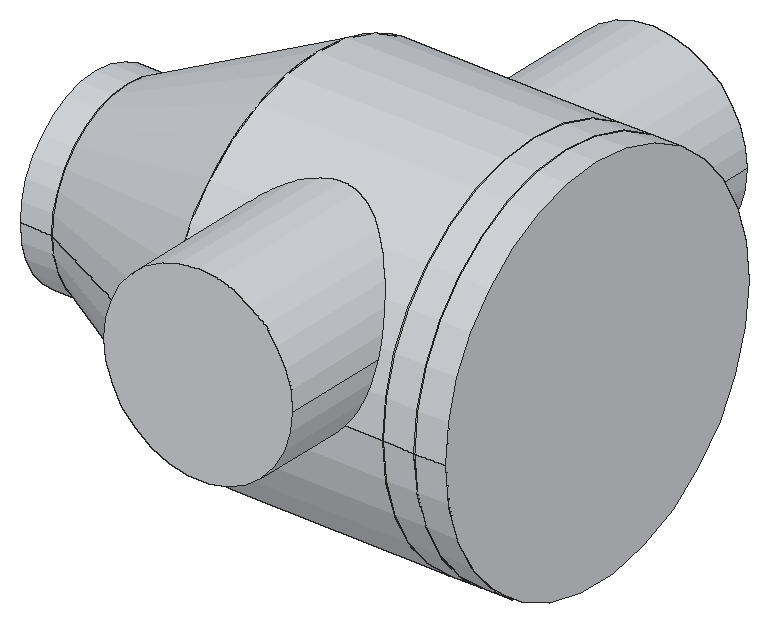
Revit family "M_Cruzamento lateral de transição redonda - 180 Graus - DTL", category Conexões de duto, Revit 2019
Family settings
  Cota do conector redondo = Usar raio
  Tipo de parte = Cruzeta lateral
  Número OmniClass = 23.75.70.14
  Título OmniClass = Air Ductwork
  ID de item do Seek = Round Transition Lateral Cross - 180 Degree - DTL-0000-CAN-ENU
  Com base no plano de trabalho = Não
  Sempre na vertical = Sim
  Corte com vazios quando carregada = Não
  Compartilhado = Não
Parameters (values of type "Padrão")
  Torneira 2 Visibilidade [instance] = not(Torneira 2 Deslocamento a partir do centro = 0 mm)  # yes
  Torneira 1 Visibilidade [instance] = not(Torneira 1 Deslocamento a partir do centro = 0 mm)  # yes
  Saída do comprimento 1 [instance] = if(Saída do comprimento = 0 mm, 1 mm, Saída do comprimento)  # 300 mm
  Entrada do comprimento 1 [instance] = if(Entrada do comprimento = 0 mm, 1 mm, Entrada do comprimento)  # 50 mm
  Entrada do colarinho 1 [instance] = if(Entrada do colarinho = 0 mm, 1 mm, Entrada do colarinho)  # 50 mm
  Saída do colarinho 1 [instance] = if(Saída do colarinho = 0 mm, 1 mm, Saída do colarinho)  # 50 mm
  Referência [instance] = (Entrada do colarinho 1 + Saída do colarinho 1 + Comprimento 14 + Entrada do comprimento 1 + Saída do comprimento 1) * 2  # 1590 mm
  Torneira 2 Raio [instance] = 150 mm
  Torneira 1 Raio [instance] = 150 mm
  Entrada do raio [instance] = 300 mm
  Saída do raio [instance] = 150 mm
  Deslocamento 4 [instance] = Raio do corpo + Torneira 2 Deslocamento a partir do centro  # 350 mm
  Deslocamento 3 [instance] = Raio do corpo + Torneira 1 Deslocamento a partir do centro  # 400 mm
  Torneira 2 Deslocamento a partir do centro [instance] = 50 mm
  Torneira 1 Deslocamento a partir do centro [instance] = 100 mm
  Comprimento 9 Horizontal [instance] = if(Torneira 2 Ângulo 1 = 90.00°, Entrada do comprimento 1 + Entrada do colarinho 1 + abs(Torneira 2 Raio / sin(Torneira 2 Ângulo 1)) + Inserção da torneira 2 + Referência / 2, Entrada do comprimento + Entrada do colarinho 1 + abs(Torneira 2 Raio / sin(Torneira 2 Ângulo 1)) + Inserção da torneira 2 + (Raio 1) / tan(Torneira 2 Ângulo 1) + Referência / 2)  # 1067 mm
  Comprimento 8 Horizontal [instance] = if(Torneira 1 Ângulo 1 = 90.00°, Entrada do comprimento 1 + Entrada do colarinho 1 + abs(Torneira 1 Raio / sin(Torneira 1 Ângulo 1)) + Inserção da torneira 1 + Referência / 2, Entrada do comprimento + Entrada do colarinho 1 + abs(Torneira 1 Raio / sin(Torneira 1 Ângulo 1)) + Inserção da torneira 1 + (Raio 1) / tan(Torneira 1 Ângulo 1) + Referência / 2)  # 1067 mm
  Comprimento 9 [instance] = if(Torneira 2 Ângulo 1 = 90.00°, Torneira 2 Comprimento + Comprimento 10, Comprimento 10 + Torneira 2 Comprimento + abs(Torneira 2 Raio / tan(Torneira 2 Ângulo 1)))  # 450 mm
  Comprimento 8 [instance] = if(Torneira 1 Ângulo 1 = 90.00°, Torneira 1 Comprimento + Comprimento 11, Comprimento 11 + Torneira 1 Comprimento + abs(Torneira 1 Raio / tan(Torneira 1 Ângulo 1)))  # 450 mm
  Saída do colarinho [instance] = 50 mm
  Entrada do colarinho [instance] = 50 mm
  Torneira 1 Comprimento [instance] = 150 mm
  Torneira 2 Comprimento [instance] = 150 mm
  Entrada do comprimento [instance] = 50 mm
  Saída do comprimento [instance] = 300 mm
  Comprimento 14 [instance] = Comprimento do corpo  # 345 mm
  Comprimento 13 [instance] = if(Torneira 2 Deslocamento a partir do centro = 0 mm, Raio 1 - 0.298 mm, Deslocamento 4)  # 350 mm
  Comprimento 12 [instance] = if(Torneira 1 Deslocamento a partir do centro = 0 mm, 0.298 mm + Raio 1, Deslocamento 3)  # 400 mm
  Comprimento 11 [instance] = Raio 1 / sin(Torneira 1 Ângulo 1)  # 300 mm
  Comprimento 10 [instance] = Raio 1 / sin(Torneira 2 Ângulo 1)  # 300 mm
  Comprimento do corpo [instance] = 345 mm
  Inserção da torneira 2 [instance] = 22 mm
  Inserção da torneira 1 [instance] = 22 mm
  Torneira 2 Diâmetro [instance] = Torneira 2 Raio * 2  # 300 mm
  Diâmetro da torneira 1 [instance] = Torneira 1 Raio * 2  # 300 mm
  Entrada do diâmetro [instance] = Entrada do raio * 2  # 600 mm
  Saída do diâmetro [instance] = Saída do raio * 2  # 300 mm
  Raio 1 [instance] = if(and(Raio do corpo < Saída do raio, Saída do raio > Entrada do raio), Saída do raio, if(and(Raio do corpo < Entrada do raio, Entrada do raio > Saída do raio), Entrada do raio, Raio do corpo))  # 300 mm
  Raio do corpo [instance] = 300 mm
  Diâmetro do corpo [instance] = Raio do corpo * 2  # 600 mm
  Torneira 2 Ângulo 1 [instance] = 90.00°
  Torneira 1 Ângulo 1 [instance] = 90.00°
Reference planes
  plane 1 "Centro (Frente/Trás)": y = 0
  plane 2: z = 0
  plane 3 "Centro (Esquerda/Direita)": x = 0
  plane 4: x = -172.5
  plane 5: x = 172.5
  plane 6: x = -472.5
  plane 7: x = -522.5
  plane 8: x = 272.5
  plane 9: x = 222.5
  plane 10: x = 0.5
  plane 11: y = 300
  plane 12: y = -300
  plane 13: z = 50
  plane 14: z = 100
  plane 15: z = -300
  plane 16: x = 0.5
  plane 17: z = 100
  plane 18: z = 50
  plane 19: x = 1067.5
Forms (mm)
  SweptBlend 1, solid, detail levels medium+fine
    path in 3D
      loop
        line (-172.5, 0, 0) -> (-472.5, 0, 0)
    profile origin (-172.5, 0, 0) x (0, -1, 0) y (0, 0, 1)
      loop
        circle (0, 0) r 300
    end profile origin (-472.5, 0, 0) x (0, -1, 0) y (0, 0, 1)
      loop
        circle (0, 0) r 150
  SweptBlend 2, solid, detail levels medium+fine
    path in 3D
      loop
        line (172.5, 0, 0) -> (222.5, 0, 0)
    profile origin (172.5, 0, 0) x (0, 1, 0) y (0, 0, 1)
      loop
        circle (0, 0) r 300
    end profile origin (222.5, 0, 0) x (0, 1, 0) y (0, 0, 1)
      loop
        circle (0, 0) r 300
  Sweep 3, solid, detail levels medium+fine
    path in 3D
      loop
        line (-522.5, 0, 0) -> (-472.5, 0, 0)
    profile origin (-497.5, 0, 0) x (0, 1, 0) y (0, 0, 1)
      loop
        circle (0, 0) r 150
  Sweep 4, solid, detail levels medium+fine
    path in 3D
      loop
        line (222.5, 0, 0) -> (272.5, 0, 0)
    profile origin (247.5, 0, 0) x (0, 1, 0) y (0, 0, 1)
      loop
        circle (0, 0) r 300
  Sweep 5, solid, detail levels medium+fine
    path in 3D
      loop
        line (-172.5, 0, 0) -> (172.5, 0, 0)
    profile origin (0, 0, 0) x (0, 1, 0) y (0, 0, 1)
      loop
        circle (0, 0) r 300
  Sweep 6, solid, detail levels medium+fine
    path in 3D
      loop
        line (0.5, 0, 0) -> (0.5, -450, 0)
    profile origin (0.5, -225, 0) x (1, 0, 0) y (0, 0, 1)
      loop
        circle (0, 100) r 150
  Sweep 7, solid, not visible
    path in 3D
      loop
        line (0.5, 0, 0) -> (0.5, -450, 0)
    profile origin (0.5, -225, 0) x (1, 0, 0) y (0, 0, 1)
      loop
        line (0, 250) -> (0, 100) -> (150, 100)
        arc (150, 100) -> (106.066, 206.066) -> (0, 250) r 150
  Sweep 8, solid, detail levels medium+fine
    path in 3D
      loop
        line (0.5, 0, 0) -> (0.5, 450, 0)
    profile origin (0.5, 225, 0) x (-1, 0, 0) y (0, 0, 1)
      loop
        circle (0, 50) r 150
  Sweep 9, solid, not visible
    path in 3D
      loop
        line (0.5, 0, 0) -> (0.5, 450, 0)
    profile origin (0.5, 225, 0) x (-1, 0, 0) y (0, 0, 1)
      loop
        arc (0, 200) -> (-106.066, 156.066) -> (-150, 50) r 150
        line (-150, 50) -> (0, 50) -> (0, 200)
Cuts and joins
  joined: Sweep 5, Sweep 6, Sweep 8
Lines and regions (mm)
  model lines, detail levels coarse
    curve 1: line (-172.5, 0, 0) -> (172.5, 0, 0)
    curve 2: line (-172.5, 0, 0) -> (-472.5, 0, 0)
    curve 3: line (172.5, 0, 0) -> (222.5, 0, 0)
    curve 6: line (-522.5, 0, 0) -> (-472.5, 0, 0)
    curve 8: line (222.5, 0, 0) -> (272.5, 0, 0)
    curve 14: line (0.5, 0, 100) -> (0.5, -450, 100)
    curve 20: line (0.5, 450, 50) -> (0.5, 0, 50)
  sketch lines
    curve 4: line (-172.5, 0, 0) -> (-472.5, 0, 0)
    curve 5: line (172.5, 0, 0) -> (222.5, 0, 0)
    curve 7: line (-522.5, 0, 0) -> (-472.5, 0, 0)
    curve 9: line (222.5, 0, 0) -> (272.5, 0, 0)
    curve 10: line (-172.5, 0, 0) -> (172.5, 0, 0)
    curve 12: line (0.5, 0, 0) -> (0.5, -450, 0)
    curve 13: line (0.5, 0, 0) -> (0.5, -450, 0)
    curve 18: line (0.5, 0, 0) -> (0.5, 450, 0)
    curve 19: line (0.5, 0, 0) -> (0.5, 450, 0)
  reference lines
    curve 11: line (0.5, 0, 0) -> (0.5, -450, 0)
    curve 17: line (0.5, 0, 0) -> (0.5, 450, 0)
  model lines, visible <- "Torneira 1 Visibilidade", detail levels coarse
    curve 15: line (0.5, 0, 100) -> (0.5, 0, 0)
  model lines, visible <- "Torneira 2 Visibilidade", detail levels coarse
    curve 16: line (0.5, 0, 50) -> (0.5, 0, 0)
Dimensions and locks
  equal spacing: plane 4, plane 3 "Centro (Esquerda/Direita)", plane 5
  "Comprimento 14": plane 4 to plane 5
  "Saída do comprimento 1": plane 6 to plane 4
  "Entrada do comprimento 1": plane 5 to plane 9
  "Raio do corpo": plane 11 to plane 1 "Centro (Frente/Trás)"
  "Raio do corpo": plane 12 to plane 1 "Centro (Frente/Trás)"
  "Raio do corpo": plane 2 to plane 15
  "Deslocamento 4": plane 13 to plane 15
  "Deslocamento 3": plane 14 to plane 15
  "Comprimento 8": curve 11 to curve 11
  "Comprimento 12": plane 17 to plane 15
  "Comprimento 13": plane 18 to plane 15
  "Comprimento 9": curve 17 to curve 17
  "Referência": plane 7 to plane 19
  "Comprimento 8 Horizontal": plane 16 to plane 19
  "Comprimento 9 Horizontal": plane 10 to plane 19
  "Saída do colarinho 1": plane 7 to plane 6
  "Entrada do colarinho 1": plane 9 to plane 8
  "Raio 1": radius of SweptBlend 1 sketch curve
  "Saída do raio": radius of SweptBlend 1 sketch curve
  "Raio 1": radius of SweptBlend 2 sketch curve
  "Entrada do raio": radius of SweptBlend 2 sketch curve
  "Saída do raio": radius of Sweep 3 sketch curve
  "Entrada do raio": radius of Sweep 4 sketch curve
  "Raio 1": radius of Sweep 5 sketch curve
  "Torneira 1 Raio": radius of Sweep 6 sketch curve
  "Torneira 1 Raio": radius of Sweep 7 sketch curve
  "Torneira 2 Raio": radius of Sweep 8 sketch curve
  "Torneira 2 Raio": radius of Sweep 9 sketch curve
  "Torneira 1 Ângulo 1": angle curve 11 to plane 1 "Centro (Frente/Trás)"
  "Torneira 2 Ângulo 1": angle plane 1 "Centro (Frente/Trás)" to curve 17
  aligned and locked: plane 1 "Centro (Frente/Trás)" to curve 1
  aligned and locked: plane 5 to curve 1
  aligned and locked: plane 2 to SweptBlend 1 sketch curve  (x2)
  aligned and locked: plane 1 "Centro (Frente/Trás)" to SweptBlend 1 sketch curve  (x2)
  aligned and locked: plane 1 "Centro (Frente/Trás)" to SweptBlend 2 sketch curve  (x2)
  aligned and locked: plane 2 to SweptBlend 2 sketch curve  (x2)
  aligned and locked: plane 1 "Centro (Frente/Trás)" to curve 6
  aligned and locked: plane 7 to curve 6
  aligned and locked: plane 1 "Centro (Frente/Trás)" to Sweep 3 sketch curve
  aligned and locked: plane 2 to Sweep 3 sketch curve
  aligned and locked: plane 8 to curve 8
  aligned and locked: plane 1 "Centro (Frente/Trás)" to Sweep 4 sketch curve
  aligned and locked: plane 2 to Sweep 4 sketch curve
  aligned and locked: plane 2 to Sweep 5 sketch curve
  aligned and locked: plane 1 "Centro (Frente/Trás)" to Sweep 5 sketch curve
  aligned and locked: plane 1 "Centro (Frente/Trás)" to curve 11
  aligned and locked: plane 14 to Sweep 6 sketch curve
  aligned and locked: plane 14 to Sweep 7 sketch curve
  aligned and locked: plane 17 to curve 15
  aligned and locked: plane 18 to curve 16
  aligned and locked: plane 1 "Centro (Frente/Trás)" to curve 17
  aligned and locked: plane 10 to curve 17
  aligned and locked: plane 13 to Sweep 8 sketch curve
  aligned and locked: plane 13 to Sweep 9 sketch curve
  aligned and locked: plane 9 to curve 8
  aligned and locked: plane 6 to curve 6
Automatic sketch dimensions
  Sweep 6 sketch curve to profile plane = 0 mm
  Sweep 7 sketch curve to profile plane = 0 mm
  Sweep 7 sketch curve to Sweep 7 sketch curve = 0 mm
  curve 14 to Sweep 7 = 0 mm  (x3)
  curve 15 to level = 0 mm
  curve 15 to plane 1 "Centro (Frente/Trás)" = 0 mm
  plane 14 to curve 15 = 0 mm
  curve 16 to level = 0 mm
  curve 16 to plane 1 "Centro (Frente/Trás)" = 0 mm
  curve 16 to plane 13 = 0 mm
  curve 11 to plane 16 = 0 mm
  Sweep 8 sketch curve to profile plane = 0 mm
  Sweep 9 sketch curve to profile plane = 0 mm
  curve 20 to Sweep 9 = 0 mm  (x3)
  curve 2 to plane 4 = 0 mm
Connectors
  hvac at (-522.5, 0, 0), driven by "Saída do raio"
    settings: on Sweep 3, index 1, duct flow 0.0 L/s, flow factor 0, pres drop 0.0 Pa, loss coef 0, conn angle 0.00°, conn width 304.8 mm, conn height 304.8 mm, conn diameter 300 mm, duct sys type 28, conn prof type 0, flow config 0, flow direction 0, loss method 0, conn ref index 2, conn util no, is conn primary yes, conn desc ""
  hvac at (272.5, 0, 0), driven by "Entrada do raio"
    settings: on Sweep 4, index 2, duct flow 0.0 L/s, flow factor 0, pres drop 0.0 Pa, loss coef 0, conn angle 0.00°, conn width 304.8 mm, conn height 304.8 mm, conn diameter 600 mm, duct sys type 28, conn prof type 0, flow config 0, flow direction 0, loss method 0, conn ref index 1, conn util no, is conn primary no, conn desc ""
  hvac at (0.5, -450, 100), driven by "Torneira 1 Ângulo 1", driven by "Torneira 1 Raio"
    settings: on cut or joined group of Sweep 5, Sweep 6, Sweep 8, index 3, duct flow 0.0 L/s, flow factor 0, pres drop 0.0 Pa, loss coef 0, conn angle 90.00°, conn width 304.8 mm, conn height 304.8 mm, conn diameter 300 mm, duct sys type 28, conn prof type 0, flow config 0, flow direction 0, loss method 0, conn ref index 4, conn util no, is conn primary no, conn desc ""
  hvac at (0.5, 450, 50), driven by "Torneira 2 Ângulo 1", driven by "Torneira 2 Raio"
    settings: on cut or joined group of Sweep 5, Sweep 6, Sweep 8, index 4, duct flow 0.0 L/s, flow factor 0, pres drop 0.0 Pa, loss coef 0, conn angle 90.00°, conn width 304.8 mm, conn height 304.8 mm, conn diameter 300 mm, duct sys type 28, conn prof type 0, flow config 0, flow direction 0, loss method 0, conn ref index 3, conn util no, is conn primary no, conn desc ""
